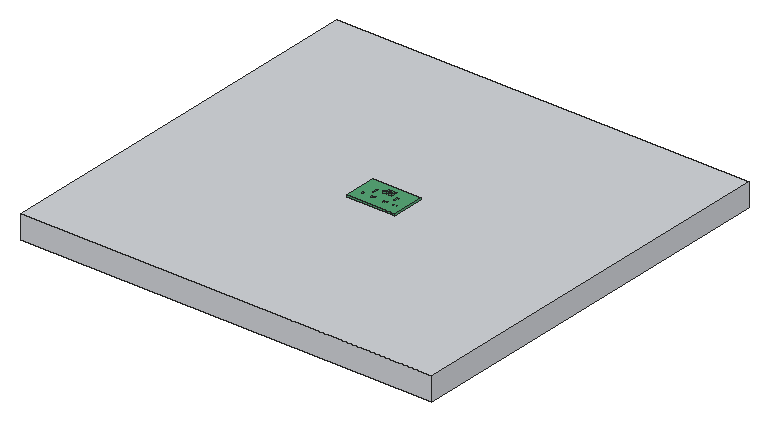
Revit family "OUT010_MM-ELE_GEN_Small Power_13A Twin switched socket outlet", category Electrical Fixtures, host Face, Revit 2019
Family settings
  Host = Face
  Maintain Annotation Orientation = Yes
  Round Connector Dimension = Use Diameter
  Part Type = Normal
  OmniClass Number = 23.80.50.11.17
  OmniClass Title = Ground Fault Receptacles
  Cut with Voids When Loaded = Yes
  Shared = Yes
  Room Calculation Point = No
Parameters (values of type "13ATwinSwitchedSocketOutlet")
  Tag [instance] = yes
  Height [instance] = 100 mm
  Vico 03 [instance] = ""
  Vico 02 [instance] = ""
  Vico 01 [instance] = ""
  Uniclass 2 Code = "Pr_70_70_27_82"
  Symbol Offset X [instance] = 0 mm
  Software Version = "2014"
  Offset [instance] = if(Symbol Offset X + 1000 mm > 0 mm, 1000 mm - Symbol Offset X, Symbol Offset X)  # 1000 mm
  Tag Angle [instance] = 90.00°
  Tag Offset X [instance] = 0 mm
  Switch Voltage = 230 V
  Tag Offset [instance] = if(Tag Offset X + 1000 mm > 0 mm, 1000 mm - Tag Offset X, Tag Offset X)  # 1000 mm
  Load Classification = Socket
  Load = 250 VA
  Level Of Detail [instance] = ""
  Width [instance] = 150 mm
  Depth [instance] = 50 mm
  Default Elevation = 450 mm
  Component Status [instance] = ""
  Author = "Mott MacDonald Ltd"  # constant formula
  Assembly Code = ""
Reference planes
  plane 1 "Centre (Front/Back)": y = 0
  plane 2: z = 0
  plane 3 "Centre (Left/Right)": x = 0
  plane 4: y = 0
  plane 5: y = -100
  plane 6: y = -10
  plane 7: y = -90.373
  plane 8 "level above": z = 4.762
  plane 9 "level below": z = -50
  plane 10: x = -1000
  plane 11: x = 0
  plane 12: y = -277.744
  plane 13: y = -50
  plane 14: x = 0
  plane 15: x = -75
  plane 16: x = -65
  plane 17: x = 75
  plane 18: x = 65
Forms (mm)
  Extrusion 1, solid
    sketch origin (0, 0, 0) x (1, 0, 0) y (0, 1, 0)
      loop
        line (-644.525, 571.5) -> (-644.525, -666.75) -> (644.525, -666.75) -> (644.525, 571.5) -> (-644.525, 571.5)
    from 0 to -72.672
  Extrusion 2, solid, material "Electrical Equipment", detail levels fine
    sketch origin (0, -60, 0) x (1, 0, 0) y (0, 1, 0)
      loop
        line (-75, 60) -> (-75, -40) -> (75, -40) -> (75, 60) -> (-75, 60)
      loop
        line (53.714, -5.356) -> (43.714, -5.356) -> (43.714, -10.356) -> (53.714, -10.356) -> (53.714, -5.356)
      loop
        line (13.786, -5.356) -> (13.786, -10.356) -> (23.786, -10.356) -> (23.786, -5.356) -> (13.786, -5.356)
      loop
        line (36.805, 24.833) -> (30.695, 24.833) -> (30.695, 11.536) -> (36.805, 11.536) -> (36.805, 24.833)
      loop
        line (-53.714, -5.356) -> (-53.714, -10.356) -> (-43.714, -10.356) -> (-43.714, -5.356) -> (-53.714, -5.356)
      loop
        line (-13.786, -5.356) -> (-23.786, -5.356) -> (-23.786, -10.356) -> (-13.786, -10.356) -> (-13.786, -5.356)
      loop
        line (-36.805, 24.833) -> (-36.805, 11.536) -> (-30.695, 11.536) -> (-30.695, 24.833) -> (-36.805, 24.833)
    from 0 to 5
  Extrusion 3, solid, material "Electrical Equipment", detail levels fine
    sketch origin (0, -60, 0) x (1, 0, 0) y (0, 1, 0)
      loop
        line (-65, 50) -> (-65, -30.373) -> (65, -30.373) -> (65, 50) -> (-65, 50)
    from 0 to -50
  Extrusion 4, solid, material "Electrical Equipment", detail levels fine
    sketch origin (0, 0, 0) x (0, 1, 0) y (0, 0, 1)
      loop
        line (-35.446, 4.762) -> (-15.546, 4.762) -> (-35.446, 9.171) -> (-35.446, 4.762)
    from 3 to 13
  Extrusion 5, solid, material "Electrical Equipment", detail levels fine
    sketch origin (0, 0, 0) x (0, 1, 0) y (0, 0, -1)
      loop
        line (-35.446, -4.762) -> (-35.446, -9.171) -> (-15.546, -4.762) -> (-35.446, -4.762)
    from 3 to 13
Lines and regions (mm)
  symbolic lines, detail levels fine
    curve 1: line (52.5, 0, 4.762) -> (-52.5, 0, 4.762)
    curve 2: line (52.5, 0, 0) -> (52.5, 0, 4.762)
    curve 3: line (-52.5, 0, 0) -> (52.5, 0, 0)
    curve 4: line (-52.5, 0, 4.762) -> (-52.5, 0, 0)
    curve 5: line (42.5, 0, -50) -> (-42.5, 0, -50)
Dimensions and locks
  locked: plane 8 "level above" to level at 4.763
  "Depth": level to plane 9 "level below"
  "Height": plane 4 to plane 5
  locked: plane 10 to plane 3 "Centre (Left/Right)" at 1000
  "Tag Offset": plane 10 to plane 11
  equal spacing: plane 4, plane 13, plane 5
  locked: plane 4 to plane 6 at 10
  locked: plane 7 to plane 5 at 9.627
  "Width": plane 15 to plane 17
  equal spacing: plane 16, plane 3 "Centre (Left/Right)", plane 18
  locked: plane 15 to plane 16 at 10
  locked: plane 18 to plane 17 at 10
  "Offset": plane 10 to nested 2
  plane 4 to plane 5 = 100 mm
  Extrusion 4 sketch curve to plane 13 = 14.554 mm
  Extrusion 4 sketch curve to Extrusion 4 sketch curve = 19.901 mm
  Extrusion 5 sketch curve to Extrusion 5 sketch curve = 19.901 mm
  Extrusion 2 sketch curve to plane 3 "Centre (Left/Right)" to Extrusion 2 sketch curve = 13.786 mm, 13.786 mm
  "Tag Angle": angle plane 3 "Centre (Left/Right)" to nested 1
  aligned and locked: plane 2 to Extrusion 1
  aligned and locked: level to Extrusion 1
  aligned and locked: plane 2 to curve 3
  aligned and locked: curve 1 to plane 8 "level above"
  aligned and locked: nested 1 to plane 11
  aligned and locked: plane 12 to nested 1
  aligned and locked: Extrusion 3 to plane 9 "level below"
Automatic sketch dimensions
  curve 5 to plane 9 "level below" = 0 mm
  curve 1 to plane 16 = 12.5 mm
  curve 2 to plane 18 = 12.5 mm
  curve 5 to plane 16 = 22.5 mm
  curve 5 to plane 18 = 22.5 mm
  Extrusion 1 sketch curve to Extrusion 1 sketch curve = 1289.05 mm
  Extrusion 1 sketch curve to Extrusion 1 sketch curve = 1238.25 mm
  Extrusion 2 sketch curve to plane 5 = 0 mm
  Extrusion 2 sketch curve to plane 15 = 0 mm
  Extrusion 2 sketch curve to plane 17 = 0 mm
  plane 1 "Centre (Front/Back)" to Extrusion 2 sketch curve = 0 mm
  Extrusion 2 sketch curve to Extrusion 2 sketch curve = 10 mm  (x4)
  plane 13 to Extrusion 2 sketch curve = 1.536 mm  (x2)
  Extrusion 2 sketch curve to Extrusion 2 sketch curve = 6.909 mm  (x2)
  Extrusion 2 sketch curve to Extrusion 2 sketch curve = 6.11 mm  (x2)
  plane 13 to Extrusion 2 sketch curve = 14.833 mm
  plane 3 "Centre (Left/Right)" to Extrusion 2 sketch curve = 30.695 mm
  Extrusion 2 sketch curve to Extrusion 2 sketch curve = 19.927 mm
  Extrusion 2 sketch curve to plane 13 = 20.356 mm  (x3)
  Extrusion 2 sketch curve to Extrusion 2 sketch curve = 0 mm
  Extrusion 2 sketch curve to Extrusion 2 sketch curve = 5 mm  (x4)
  Extrusion 2 sketch curve to Extrusion 2 sketch curve = 13.297 mm
  Extrusion 3 sketch curve to plane 7 = 0 mm
  Extrusion 3 sketch curve to plane 16 = 0 mm
  Extrusion 3 sketch curve to plane 18 = 0 mm
  Extrusion 3 sketch curve to plane 6 = 0 mm
  Extrusion 4 sketch curve to plane 8 "level above" = 0 mm
  plane 8 "level above" to Extrusion 4 sketch curve = 4.408 mm
  Extrusion 5 sketch curve to plane 8 "level above" = 0 mm
  plane 13 to Extrusion 5 sketch curve = 14.554 mm
  plane 8 "level above" to Extrusion 5 sketch curve = 4.408 mm
Nested families
  nested 1: "Tag" at (0, -277.744, 0), visible <- "Tag", type "Tag", detail levels coarse+medium
    with Tag "2"
  nested 2: "13A Switched Socket Outlet + Neon" at (0, 0, 0), type "13A Switched Socket Outlet + Neon", detail levels coarse+medium
Connectors
  electrical at (0, -10, -25)
    settings: on Extrusion 3, index 1, voltage 230 V, apparent load 0 VA, apparent load phase1 0 VA, apparent load phase2 0 VA, apparent load phase3 0 VA, power factor 1, load classification "Other", number of poles 1, system type 31, power factor state 1, is connector primary yes, connector utility no, sub classification motor no, connector description ""
Definition of nested family "Tag"
  Parameters
    Tag [instance] = ""
  Reference planes
    plane 1: y = 0
    plane 2: x = 0
  Text (mm)
    label "2" at (-1.761, 4.092, 0), shows "Tag"
Definition of nested family "13A Switched Socket Outlet + Neon"
  Reference planes
    plane 1: y = 0
    plane 2: x = 0
  Lines and regions (mm)
    detail lines
      curve 1: arc (0, 2.4, 0) -> (0.518, 2.332, 0) -> (1, 2.132, 0) r 2
      curve 2: arc (2, 0.4, 0) -> (0, 2.4, 0) -> (-2, 0.4, 0) r 2
      curve 3: line (0, 4.9, 0) -> (0, 2.4, 0)
      curve 4: line (-2, 0.4, 0) -> (-2, 0, 0)
      curve 5: line (-2, 0, 0) -> (2, 0, 0)
      curve 6: line (2, 0, 0) -> (2, 0.4, 0)
      curve 7: line (0.727, 2.263, 0) -> (1.592, 4.478, 0)
      curve 8: line (1.592, 4.478, 0) -> (2.379, 4.171, 0)
  Dimensions and locks
    locked: curve 4 to curve 6 at 4
    locked: curve 5 to curve 2 at 2.4
